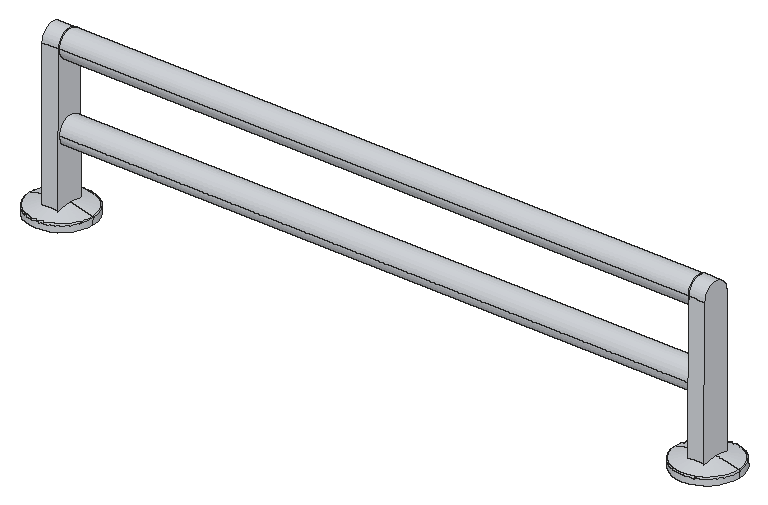
Revit family "Accessory-Towel_Bar-KOHLER-Components-K-78375", category Specialty Equipment, host Face, Revit 2015
Parameters (values of type "CP-Polished Chrome")
  Width = 2 3/8"  # constant formula
  URL = "https://www.us.kohler.com/us/"
  Type = 1
  Product Page URL = "http://www.us.kohler.com/us/catalog/productDetails.jsp?productNumber=78375"
  Product Name = "Components"  # constant formula
  Product Documentation Link = "http://www.us.kohler.com/onlinecatalog/pdf/K-78375_spec.pdf"
  Model = if(Type = 1, "K-78375-CP", if(Type = 2, "K-78375-BN", if(Type = 3, "K-78375-BL", if(Type = 4, "K-78375-TT", "NA"))))  # "K-78375-CP"
  Material = "Premium Metal Construction"  # constant formula
  MasterFormat 2004 = "10.28.13"  # constant formula
  MasterFormat 1995 = "10820"  # constant formula
  Manufacturer Address = "444 Highland Dr, Kohler, WI 53044"  # constant formula
  Manufacturer = "KOHLER Co."  # constant formula
  Length = 24"  # constant formula
  Height = 6 1/4"  # constant formula
  Finish = Kohler-Metal-CP-Polished_Chrome
  Environmental Product Declaration = ""
  Description = "24inch Double Towel Bar"  # constant formula
  Default Elevation = 42"
  Declare Label = ""
  Date Modified = "07/06/2018"  # constant formula
  Date Created = "07/06/2018"  # constant formula
  Copyright = "Copyright KOHLER Co."  # constant formula
  Contact Us = "https://www.us.kohler.com/us/static/contact.jsp"
  Assembly Code = "C1030200"
  ADA Compliant = 1 = 0  # no
Types (4): name | Type | Model | Finish
  (no name) | 1 | "K-78375-CP" | Kohler-Metal-CP-Polished_Chrome
  CP-Polished Chrome | 1 | "K-78375-CP" | Kohler-Metal-CP-Polished_Chrome
  BL-Matte Black | 3 | "K-78375-BL" | Kohler-Metal-BL-Matte_Black
  TT-Titanium | 4 | "K-78375-TT" | Kohler-Metal-TT-Vibrant_Titanium
Reference planes (in)
  plane 1 "Center (Front/Back)": y = 0
  plane 2: z = 0
  plane 3 "Center (Left/Right)": x = 0
  plane 4: x = -12
  plane 5: x = 12
  plane 6: y = 1.1875
  plane 7: y = -1.1875
  plane 8: z = 6.25
Dimensions and locks (in)
  "Length": plane 4 to plane 5
  "Width": plane 6 to plane 7
  "Height": plane 8 to level
  aligned and locked: plane 2 to host face
  aligned and locked: level to host face
Automatic sketch dimensions
  host sketch curve to host sketch curve = 96"  (x2)
Nested families (in)
  nested 1: "K-78375" at (0, 0, 0), type "K-78375"
Definition of nested family "K-78375"
  Parameters (values of type "K-78375")
    Material = none
    Length = 24"
  Reference planes (in)
    plane 1 "Center (Front/Back)": y = 0
    plane 2: z = 0
    plane 3 "Center (Left/Right)": x = 0
    plane 4: x = -12
    plane 5: x = 12
    plane 6: y = 1.1875
    plane 7: z = 6.25
    plane 8: y = -1.1875
  Forms (in)
    Revolve 1, solid, material <- "Material", detail levels medium+fine
      sketch origin (0, 0, 0) x (1, 0, 0) y (0, 0, 1)
        loop
          line (-13.1875, 0) -> (-12, 0) -> (-12, 0.54137) -> (-13.15723, 0.26168)
          arc (-13.15723, 0.26168) -> (-13.17902, 0.24769) -> (-13.1875, 0.22322) r 0.03957
          line (-13.1875, 0.22322) -> (-13.1875, 0)
        axis (-12, 0.54137) -> (-12, 0)
      angle from 0 to 360
    Revolve 2, solid, material <- "Material", detail levels medium+fine
      sketch origin (0, 0, 0) x (-1, 0, 0) y (0, 0, 1)
        loop
          line (-13.1875, 0) -> (-12, 0) -> (-12, 0.54137) -> (-13.15723, 0.26168)
          arc (-13.15723, 0.26168) -> (-13.17902, 0.24769) -> (-13.1875, 0.22322) r 0.03957
          line (-13.1875, 0.22322) -> (-13.1875, 0)
        axis (-12, 0.54137) -> (-12, 0)
      angle from 0 to 360
    Extrusion 3, solid, material <- "Material"
      sketch origin (0, 0, 0) x (0, 1, 0) y (0, 0, 1)
        loop
          arc (0.49317, 5.76038) -> (0, 6.25019) -> (-0.49317, 5.76038) r 0.49319
          line (-0.49317, 5.76038) -> (-0.53038, 0.31966) -> (0.53038, 0.31966) -> (0.49317, 5.76038)
      from 11.69094 to 12.30906
    Extrusion 4, solid, material <- "Material"
      sketch origin (0, 0, 0) x (0, 1, 0) y (0, 0, -1)
        loop
          line (0.49317, -5.76038) -> (0.53038, -0.31966) -> (-0.53038, -0.31966) -> (-0.49317, -5.76038)
          arc (-0.49317, -5.76038) -> (0, -6.25019) -> (0.49317, -5.76038) r 0.49319
      from 11.69094 to 12.30906
    Extrusion 5, solid, material <- "Material"
      sketch origin (0, 0, 0) x (0, 1, 0) y (0, 0, 1)
        loop
          circle (0, 2.87524) r 0.49321
        loop
          circle (0, 5.757) r 0.49319
      from -11.69094 to 11.69094
    Extrusion 6, solid, material <- "Material", detail levels coarse
      sketch origin (0, 0, 0) x (1, 0, 0) y (0, 1, 0)
        loop
          circle (-12, 0) r 1.1875
        loop
          circle (12, 0) r 1.1875
      from 0 to 0.44658
  Cuts and joins
    joined: Revolve 1, Revolve 2
    joined: Extrusion 3, Extrusion 4
  Lines and regions (in)
    Masking region 1
      outline origin (0, 0, 0) x (0, 1, 0) y (0, 0, 1)
        loop
          line (0.52873, 0.41382) -> (0.49313, 5.7663)
          arc (0.49313, 5.7663) -> (0, 6.25089) -> (-0.49313, 5.7663) r 0.4932
          line (-0.49313, 5.7663) -> (-0.52873, 0.41382) -> (-1.15899, 0.26168)
          arc (-1.15899, 0.26168) -> (-1.17952, 0.24851) -> (-1.1875, 0.22546) r 0.03726
          line (-1.1875, 0.22546) -> (-1.1875, 0) -> (1.1875, 0) -> (1.1875, 0.22546)
          arc (1.1875, 0.22546) -> (1.17952, 0.24851) -> (1.15899, 0.26168) r 0.03726
          line (1.15899, 0.26168) -> (0.52873, 0.41382)
    Masking region 2
      outline origin (0, 0, 0) x (1, 0, 0) y (0, 0, 1)
        loop
          line (-13.1875, 0) -> (-10.8125, 0) -> (-10.8125, 0.22322)
          arc (-10.8125, 0.22322) -> (-10.82098, 0.24769) -> (-10.84277, 0.26168) r 0.03957
          line (-10.84277, 0.26168) -> (-11.69094, 0.46667) -> (-11.69094, 2.38202) -> (11.69094, 2.38202) -> (11.69094, 0.46667) -> (10.84277, 0.26168)
          arc (10.84277, 0.26168) -> (10.82098, 0.24769) -> (10.8125, 0.22322) r 0.03957
          line (10.8125, 0.22322) -> (10.8125, 0) -> (13.1875, 0) -> (13.1875, 0.22322)
          arc (13.1875, 0.22322) -> (13.17902, 0.24769) -> (13.15723, 0.26168) r 0.03957
          line (13.15723, 0.26168) -> (12.30906, 0.46667) -> (12.30906, 6.25) -> (-12.30906, 6.25) -> (-12.30906, 0.46667) -> (-13.15723, 0.26168)
          arc (-13.15723, 0.26168) -> (-13.17902, 0.24769) -> (-13.1875, 0.22322) r 0.03957
          line (-13.1875, 0.22322) -> (-13.1875, 0)
        loop
          line (-11.69094, 5.26381) -> (-11.69094, 3.36845) -> (11.69094, 3.36845) -> (11.69094, 5.26381) -> (-11.69094, 5.26381)
    Masking region 3
      outline origin (0, 0, 0) x (1, 0, 0) y (0, 1, 0)
        loop
          line (-10.91977, -0.49321) -> (10.91977, -0.49321)
          arc (10.91977, -0.49321) -> (13.1875, 0.00004) -> (10.91974, 0.49314) r 1.1875
          line (10.91974, 0.49314) -> (-10.91974, 0.49314)
          arc (-10.91974, 0.49314) -> (-13.1875, 0.00004) -> (-10.91977, -0.49321) r 1.1875
    symbolic lines, detail levels medium+fine
      curve 1: arc (0, 0, 0.46667) -> (0, 0.26632, 0.44279) -> (0, 0.52909, 0.39328) r 2.76424
      curve 2: line (0, 0.52909, 0.39328) -> (0, 0.5284, 0.43278)
      curve 3: line (0, -0.52909, 0.39328) -> (0, -0.5284, 0.43278)
      curve 4: arc (0, -0.52909, 0.39328) -> (0, -0.26632, 0.44279) -> (0, 0, 0.46667) r 2.76424
      curve 5: line (-11.69094, 0, 5.26381) -> (-11.69094, 0, 5.76563)
      curve 6: line (11.69094, 0, 5.26381) -> (11.69094, 0, 5.75702)
      curve 7: line (-12.30906, 0, 0.46667) -> (-11.69094, 0, 0.46667)
      curve 8: line (11.69094, 0, 0.46667) -> (12.30906, 0, 0.46667)
      curve 9: line (-12.30906, 0.53038, 0) -> (-12.30906, -0.53038, 0)
      curve 10: line (-11.69094, -0.53038, 0) -> (-11.69094, 0.53038, 0)
      curve 11: line (12.30906, -0.53038, 0) -> (12.30906, 0.53038, 0)
      curve 12: line (11.69094, 0.53038, 0) -> (11.69094, -0.53038, 0)
      curve 13: line (12.30906, 0.53038, 0) -> (11.69094, 0.53038, 0)
      curve 14: line (11.69094, -0.53038, 0) -> (12.30906, -0.53038, 0)
      curve 15: line (-12.30906, 0.53038, 0) -> (-11.69094, 0.53038, 0)
      curve 16: line (-11.69094, -0.53038, 0) -> (-12.30906, -0.53038, 0)
      curve 17: line (-10.91974, 0.49314, 0) -> (-11.69094, 0.49314, 0)
      curve 18: line (-10.91977, -0.49321, 0) -> (-11.69094, -0.49321, 0)
      curve 19: line (10.91974, 0.49314, 0) -> (11.69094, 0.49314, 0)
      curve 20: line (10.91977, -0.49321, 0) -> (11.69094, -0.49321, 0)
      curve 21: line (-11.30906, 0, 6.25) -> (-11.30906, 0, 5.26381)
      curve 22: line (11.30906, 0, 6.25) -> (11.30906, 0, 5.26381)
      curve 23: line (-11.69094, 0, 3.36845) -> (-11.69094, 0, 2.38202)
      curve 24: line (-11.30906, 0, 2.38202) -> (-11.30906, 0, 3.36845)
      curve 25: line (11.69094, 0, 3.36845) -> (11.69094, 0, 2.38202)
      curve 26: line (11.30906, 0, 2.38202) -> (11.30906, 0, 3.36845)
  Dimensions and locks (in)
    equal spacing: plane 4, plane 3 "Center (Left/Right)", plane 5
    "Length": plane 4 to plane 5
    locked: Revolve 1 sketch curve to plane 4 at 1.1875
    locked: Revolve 2 sketch curve to plane 5 at 1.1875
    equal spacing: Extrusion 3, plane 5, Extrusion 3
    equal spacing: Extrusion 4, plane 4, Extrusion 4
    plane 7 to level = 6 1/4"
    equal spacing: Masking region 2 sketch curve, plane 4, Masking region 2 sketch curve
    locked: Masking region 2 sketch curve to Masking region 2 sketch curve at 2.375  (x2)
    equal spacing: Masking region 2 sketch curve, plane 5, Masking region 2 sketch curve
    locked: cut or joined group of Extrusion 3, Extrusion 4 to cut or joined group of Extrusion 3, Extrusion 4 at 0.61811  (x2)
    locked: cut or joined group of Extrusion 3, Extrusion 4 to curve 21 at 1
    locked: curve 22 to cut or joined group of Extrusion 3, Extrusion 4 at 1
    aligned and locked: plane 2 to level
    aligned and locked: Revolve 1 sketch curve to plane 4
    aligned and locked: plane 4 to Revolve 1 sketch curve
    aligned and locked: plane 5 to Revolve 2 sketch curve
    aligned and locked: Revolve 2 sketch curve to plane 5
    aligned and locked: Extrusion 5 to Extrusion 4
    aligned and locked: Extrusion 5 to Extrusion 3
    aligned and locked: cut or joined group of Extrusion 3, Extrusion 4 to Masking region 2 sketch curve  (x4)
    aligned and locked: Masking region 2 sketch curve to cut or joined group of Extrusion 3, Extrusion 4  (x2)
    aligned and locked: Masking region 2 to curve 5
    aligned and locked: Masking region 2 to curve 6
    aligned and locked: curve 7 to Masking region 2
    aligned and locked: curve 8 to Masking region 2
    aligned and locked: Masking region 3 sketch curve to cut or joined group of Revolve 1, Revolve 2  (x2)
    aligned and locked: curve 9 to cut or joined group of Extrusion 3, Extrusion 4
    aligned and locked: curve 10 to cut or joined group of Extrusion 3, Extrusion 4
    aligned and locked: curve 11 to cut or joined group of Extrusion 3, Extrusion 4
    aligned and locked: curve 12 to cut or joined group of Extrusion 3, Extrusion 4
    aligned and locked: curve 15 to cut or joined group of Extrusion 3, Extrusion 4
    aligned and locked: curve 16 to cut or joined group of Extrusion 3, Extrusion 4
    aligned and locked: curve 17 to Masking region 3
    aligned and locked: curve 18 to Masking region 3
    aligned and locked: curve 19 to Masking region 3
    aligned and locked: curve 20 to Masking region 3
    aligned and locked: Extrusion 6 sketch curve to Masking region 3  (x2)
  Automatic sketch dimensions
    Masking region 1 sketch curve to level = 0"
    Masking region 1 sketch curve to plane 8 = 0"
    Masking region 1 sketch curve to plane 1 "Center (Front/Back)" = 0"
    Masking region 1 sketch curve to plane 6 = 0"
    Masking region 1 sketch curve to plane 8 = 0.02851"
    Masking region 1 sketch curve to Masking region 1 sketch curve = 0.00874"
    plane 1 "Center (Front/Back)" to Masking region 1 sketch curve = 0.52873"
    plane 1 "Center (Front/Back)" to Masking region 1 sketch curve = 0.49313"
    Masking region 1 sketch curve to plane 7 = 0.4837"
    Masking region 1 sketch curve to plane 1 "Center (Front/Back)" = 0.49313"
    Masking region 1 sketch curve to plane 1 "Center (Front/Back)" = 0.52873"
    Masking region 1 sketch curve to Masking region 1 sketch curve = 0.03726"
    Masking region 1 sketch curve to plane 6 = 0.02851"
    level to Masking region 1 sketch curve = 0.22546"  (x2)
    level to Masking region 1 sketch curve = 0.41382"  (x2)
    Masking region 1 sketch curve to plane 7 = 0.49231"
    curve 1 to plane 1 "Center (Front/Back)" = 0"
    plane 1 "Center (Front/Back)" to curve 1 = 0.1135"
    curve 2 to plane 1 "Center (Front/Back)" = 0.52909"
    curve 1 to level = 2.29523"
    level to curve 2 = 0.39328"
    curve 3 to curve 3 = 0.00069"
    curve 2 to curve 2 = 0.00069"
    level to curve 3 = 0.39328"
    curve 2 to curve 2 = 0.0395"
    curve 3 to curve 3 = 0.0395"
    plane 1 "Center (Front/Back)" to curve 3 = 0.5284"
    curve 4 to plane 1 "Center (Front/Back)" = 0.1135"
    curve 12 to curve 20 = 0.03716"
    plane 1 "Center (Front/Back)" to curve 18 = 0.49321"
    curve 19 to curve 12 = 0.03724"
    curve 17 to curve 10 = 0.03724"
    Revolve 1 sketch curve to level = 0"  (x2)
    level to Revolve 1 sketch curve = 0.26168"
    Revolve 1 sketch curve to Revolve 1 sketch curve = 0.03027"
    Revolve 1 sketch curve to Revolve 1 sketch curve = 0.0093"
    level to Revolve 1 sketch curve = 0.54137"
    Revolve 1 sketch curve to Revolve 1 sketch curve = 0.35774"
    Revolve 2 sketch curve to level = 0"  (x2)
    Revolve 2 sketch curve to level = 0.26168"
    Revolve 2 sketch curve to Revolve 2 sketch curve = 0.03027"
    Revolve 2 sketch curve to Revolve 2 sketch curve = 0.03957"
    Revolve 2 sketch curve to Revolve 2 sketch curve = 0.54137"
    level to Revolve 2 sketch curve = 0.35774"
    plane 1 "Center (Front/Back)" to Masking region 3 sketch curve = 0.49321"
    Masking region 3 sketch curve to plane 1 "Center (Front/Back)" = 0.49314"
    Extrusion 4 sketch curve to plane 1 "Center (Front/Back)" = 0"
    plane 1 "Center (Front/Back)" to Extrusion 4 sketch curve = 0.49317"
    plane 1 "Center (Front/Back)" to Extrusion 4 sketch curve = 0.53038"
    Extrusion 4 sketch curve to plane 7 = 0.48962"
    Extrusion 4 sketch curve to plane 1 "Center (Front/Back)" = 0.49317"
    Extrusion 4 sketch curve to plane 1 "Center (Front/Back)" = 0.53038"
    Extrusion 4 sketch curve to plane 7 = 0.493"
    level to Extrusion 4 sketch curve = 0.31966"
    Extrusion 3 sketch curve to plane 1 "Center (Front/Back)" = 0"
    plane 1 "Center (Front/Back)" to Extrusion 3 sketch curve = 0.49317"
    plane 1 "Center (Front/Back)" to Extrusion 3 sketch curve = 0.53038"
    Extrusion 3 sketch curve to plane 7 = 0.48962"
    Extrusion 3 sketch curve to plane 1 "Center (Front/Back)" = 0.49317"
    Extrusion 3 sketch curve to plane 1 "Center (Front/Back)" = 0.53038"
    Extrusion 3 sketch curve to plane 7 = 0.493"
    level to Extrusion 3 sketch curve = 0.31966"
    plane 1 "Center (Front/Back)" to curve 14 = 0.53038"
    curve 13 to plane 1 "Center (Front/Back)" = 0.53038"
    Extrusion 5 sketch curve to plane 1 "Center (Front/Back)" = 0"
    level to Extrusion 5 sketch curve = 2.87524"
    Masking region 2 sketch curve to level = 0"  (x2)
    Masking region 2 sketch curve to plane 7 = 0"
    level to Masking region 2 sketch curve = 0.26168"  (x4)
    Masking region 2 sketch curve to Masking region 2 sketch curve = 0.03027"  (x2)
    Masking region 2 sketch curve to Masking region 2 sketch curve = 0.03957"  (x3)
    Masking region 2 sketch curve to Masking region 2 sketch curve = 0.0093"  (x3)
    level to Masking region 2 sketch curve = 0.46667"  (x4)
    Masking region 2 sketch curve to plane 7 = 0.98619"
    Masking region 2 sketch curve to Masking region 2 sketch curve = 1.91535"
    Masking region 2 sketch curve to Masking region 2 sketch curve = 0.98643"
    curve 22 to plane 7 = 0"
    curve 21 to plane 7 = 0"
    curve 23 to plane 4 = 0.30906"
    plane 4 to curve 7 = 0.30906"
    curve 7 to plane 4 = 0.30906"
    curve 23 to curve 24 = 0.38189"
    curve 26 to plane 5 = 0.69094"
    curve 25 to plane 5 = 0.30906"
    curve 8 to plane 5 = 0.30906"
    plane 5 to curve 8 = 0.30906"
    curve 7 to curve 23 = 1.91535"
    curve 8 to curve 25 = 1.91535"
    curve 24 to curve 23 = 0"  (x2)
    curve 26 to curve 25 = 0"
    curve 26 to curve 26 = 0.98643"
    curve 25 to curve 26 = 0"
    curve 23 to curve 23 = 0.98643"
    curve 21 to curve 21 = 0.98619"
    curve 6 to plane 7 = 0.98619"
    curve 5 to curve 21 = 0"
    curve 22 to curve 6 = 0"
    curve 6 to plane 7 = 0.49298"
    curve 5 to plane 7 = 31/64"
    radius of Extrusion 5 sketch curve = 0.49321"
